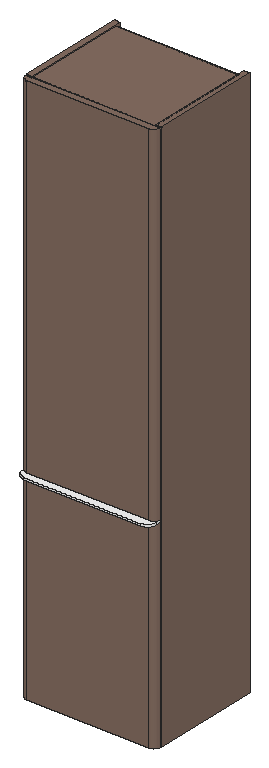
Revit family "tall cabinet, door hinge", category Furniture, Revit 2019 (continued)
Definition of nested family "tall cabinet 400_350, door hinge right-54140700-diamond matt grey-matt_white-400_content"
  Forms (mm)
    Extrusion 8, solid, visible <- "ContentVisible", detail levels coarse
      sketch origin (0, -184.5, 0) x (1, 0, 0) y (0, 1, 0)
        loop
          line (-200, -184.5) -> (200, -184.5) -> (200, 184.5) -> (-200, 184.5) -> (-200, -184.5)
      from 0 to 1650
  Dimensions and locks
    aligned and locked: level to plane 2
Definition of nested family "tall cabinet 400_350, door hinge right-54141000-natural oak-chrome-200_content"
  Parameters (values of type "Tall cabinet 400_350, door hinge right-54141000-Natural Oak-CHROME-200_Content")
    etim7_EC011381 = "EC011381"
    WEIGHT = "36.9"
    UNSPSC = "56 | Furniture and Furnishings"
    UNIFORMATII = "E2010 | Fixed Furnishings"
    UNICLASS_2015_CODE = "40_30_78_05"
    UNICLASS2015 = "Pr_40_30_78_05 | Bathroom furniture"
    SURFACE = "CHROME"
    SPECIFICATION = "Surfaces:    - 54141000 Chrome  - 54141670 Matt Black  - 54141700 Matt White      Specification:"
    REGIONSET = "Worldwide"
    PRODUCTURL = "https://pro.hansgrohe.com/articledetail--54141000"
    PRODUCTGROUP = "bathroom vanity"
    PRODUCTFAMILY = "Xelu Q"
    PERMALINK = "54141XXX"
    OMNICLASS = "23-21 19 15 33 13 | Residential Bathroom Specialty Casework"
    OBJECTTYPE = "Object (single object)"
    OBERFLAECHE = "Natural Oak"
    NN = "Tall cabinet, door hinge"
    NBSYN = "$BASENUMBER.-$ARTNR.-$OBERFLAECHE.-$SURFACE.-$LODLEVEL."
    NB = "Tall cabinet 400/350, door hinge right-54141000-Natural Oak-CHROME-200"
    NAME = "Xelu Q Tall cabinet Natural Oak 400/350, door hinge right"
    Model = "Tall cabinet 400/350, door hinge right-54141000-Natural Oak-CHROME-200"
    Manufacturer = "Hansgrohe"
    MASTERFORMAT = "12 35 30.23 | Bathroom Casework"
    LODLEVEL = "200"
    LINA = "Tall cabinet 400/350, door hinge right-54141000-Natural Oak-CHROME-200"
    L = 400
    IFC = "Furnishing element"
    GTINCODE = "4059625458556"
    ETIM = "EC011381 | Bathroom furniture set"
    Default Elevation = 1219.2 mm
    DESIGN = "Germany"
    ContentVisible [instance] = yes
    CATALOG = "Hansgrohe"
    BIMOBJECT = "Sanitary: Compound units"
    BASENUMBER = "Tall cabinet 400/350, door hinge right"
    ARTNR = "54141000"
  Reference planes
    plane 1 "Center (Front/Back)": y = 0
    plane 2: z = 0
    plane 3 "Center (Left/Right)": x = 0
  Forms (mm)
    Extrusion 1, solid, visible <- "ContentVisible", detail levels medium+fine
      sketch origin (0, 0, 0) x (1, 0, 0) y (0, 1, 0)
        loop
          line (-200, 0) -> (-200, -349) -> (200, -349) -> (200, 0) -> (-200, 0)
      from 0 to 1650
    Extrusion 2, solid, visible <- "ContentVisible", detail levels medium+fine
      sketch origin (0, 0, 599) x (1, 0, 0) y (0, 1, 0)
        loop
          line (-198.5, -328) -> (-198.5, -369) -> (198.5, -369) -> (198.5, -328) -> (178.5, -328) -> (178.5, -326.5) -> (-178.5, -326.5) -> (-178.5, -328) -> (-198.5, -328)
      from 0 to 5
    Extrusion 3, solid, visible <- "ContentVisible", detail levels coarse
      sketch origin (0, -184.5, 0) x (1, 0, 0) y (0, 1, 0)
        loop
          line (-200, -184.5) -> (200, -184.5) -> (200, 184.5) -> (-200, 184.5) -> (-200, -184.5)
      from 0 to 1650
  Dimensions and locks
    aligned and locked: level to plane 2
Definition of nested family "tall cabinet 400_350, door hinge right-54141000-natural oak-chrome-400_content"
  Parameters (values of type "Tall cabinet 400_350, door hinge right-54141000-Natural Oak-CHROME-400_Content")
    etim7_EC011381 = "EC011381"
    WEIGHT = "36.9"
    UNSPSC = "56 | Furniture and Furnishings"
    UNIFORMATII = "E2010 | Fixed Furnishings"
    UNICLASS_2015_CODE = "40_30_78_05"
    UNICLASS2015 = "Pr_40_30_78_05 | Bathroom furniture"
    SURFACE = "CHROME"
    SPECIFICATION = "Surfaces:    - 54141000 Chrome  - 54141670 Matt Black  - 54141700 Matt White      Specification:"
    REGIONSET = "Worldwide"
    PRODUCTURL = "https://pro.hansgrohe.com/articledetail--54141000"
    PRODUCTGROUP = "bathroom vanity"
    PRODUCTFAMILY = "Xelu Q"
    PERMALINK = "54141XXX"
    OMNICLASS = "23-21 19 15 33 13 | Residential Bathroom Specialty Casework"
    OBJECTTYPE = "Object (single object)"
    OBERFLAECHE = "Natural Oak"
    NN = "Tall cabinet, door hinge"
    NBSYN = "$BASENUMBER.-$ARTNR.-$OBERFLAECHE.-$SURFACE.-$LODLEVEL."
    NB = "Tall cabinet 400/350, door hinge right-54141000-Natural Oak-CHROME-400"
    NAME = "Xelu Q Tall cabinet Natural Oak 400/350, door hinge right"
    Model = "Tall cabinet 400/350, door hinge right-54141000-Natural Oak-CHROME-400"
    Manufacturer = "Hansgrohe"
    MASTERFORMAT = "12 35 30.23 | Bathroom Casework"
    LODLEVEL = "400"
    LINA = "Tall cabinet 400/350, door hinge right-54141000-Natural Oak-CHROME-400"
    L = 400
    IFC = "Furnishing element"
    GTINCODE = "4059625458556"
    ETIM = "EC011381 | Bathroom furniture set"
    Default Elevation = 1219.2 mm
    DESIGN = "Germany"
    ContentVisible [instance] = yes
    CATALOG = "Hansgrohe"
    BIMOBJECT = "Sanitary: Compound units"
    BASENUMBER = "Tall cabinet 400/350, door hinge right"
    ARTNR = "54141000"
  Reference planes
    plane 1 "Center (Front/Back)": y = 0
    plane 2: z = 0
    plane 3 "Center (Left/Right)": x = 0
  Forms (mm)
    Extrusion 1, solid, visible <- "ContentVisible", detail levels medium+fine
      sketch origin (0, 0, 0) x (1, 0, 0) y (0, 1, 0)
        loop
          line (-200, 0) -> (-200, -325)
          arc (-200, -325) -> (-199.121, -327.121) -> (-197, -328) r 3
          line (-197, -328) -> (-184, -328) -> (-184, 0) -> (-200, 0)
      from 0 to 1650
    Extrusion 2, solid, visible <- "ContentVisible", detail levels medium+fine
      sketch origin (0, 0, 0) x (1, 0, 0) y (0, 1, 0)
        loop
          line (-184, -20) -> (-184, -327) -> (184, -327) -> (184, -20) -> (-184, -20)
      from 0 to 1649
    Extrusion 3, solid, visible <- "ContentVisible", detail levels medium+fine
      sketch origin (0, 0, 0) x (1, 0, 0) y (0, 1, 0)
        loop
          line (184, 0) -> (184, -328) -> (197, -328)
          arc (197, -328) -> (199.121, -327.121) -> (200, -325) r 3
          line (200, -325) -> (200, 0) -> (184, 0)
      from 0 to 1650
    Extrusion 4, solid, visible <- "ContentVisible", detail levels medium+fine
      sketch origin (0, 0, 2) x (1, 0, 0) y (0, 1, 0)
        loop
          line (-184, -16) -> (-184, -20) -> (184, -20) -> (184, -16) -> (-184, -16)
      from 0 to 1646
    Extrusion 5, solid, visible <- "ContentVisible", detail levels medium+fine
      sketch origin (0, 0, 2) x (1, 0, 0) y (0, 1, 0)
        loop
          arc (-200, -330) -> (-194.435, -343.435) -> (-181, -349) r 19
          line (-181, -349) -> (181, -349)
          arc (181, -349) -> (194.435, -343.435) -> (200, -330) r 19
          line (200, -330) -> (200, -328) -> (-200, -328) -> (-200, -330)
      from 0 to 597
    Extrusion 6, solid, visible <- "ContentVisible", detail levels medium+fine
      sketch origin (0, 0, 599) x (1, 0, 0) y (0, 1, 0)
        loop
          line (-198.5, -328) -> (-198.5, -344)
          arc (-198.5, -344) -> (-191.178, -361.678) -> (-173.5, -369) r 25
          line (-173.5, -369) -> (173.5, -369)
          arc (173.5, -369) -> (191.178, -361.678) -> (198.5, -344) r 25
          line (198.5, -344) -> (198.5, -328) -> (178.5, -328) -> (178.5, -326.5) -> (-178.5, -326.5) -> (-178.5, -328) -> (-198.5, -328)
      from 0 to 5
    Extrusion 7, solid, visible <- "ContentVisible", detail levels medium+fine
      sketch origin (0, 0, 607) x (1, 0, 0) y (0, 1, 0)
        loop
          arc (-200, -330) -> (-194.435, -343.435) -> (-181, -349) r 19
          line (-181, -349) -> (181, -349)
          arc (181, -349) -> (194.435, -343.435) -> (200, -330) r 19
          line (200, -330) -> (200, -328) -> (-200, -328) -> (-200, -330)
      from 0 to 1041
    Extrusion 8, solid, visible <- "ContentVisible", detail levels coarse
      sketch origin (0, -184.5, 0) x (1, 0, 0) y (0, 1, 0)
        loop
          line (-200, -184.5) -> (200, -184.5) -> (200, 184.5) -> (-200, 184.5) -> (-200, -184.5)
      from 0 to 1650
  Dimensions and locks
    aligned and locked: level to plane 2
Definition of nested family "tall cabinet 400_350, door hinge right-54141670-natural oak-matt_black-200_content"
  Parameters (values of type "Tall cabinet 400_350, door hinge right-54141670-Natural Oak-MATT_BLACK-200_Content")
    etim7_EC011381 = "EC011381"
    WEIGHT = "36.9"
    UNSPSC = "56 | Furniture and Furnishings"
    UNIFORMATII = "E2010 | Fixed Furnishings"
    UNICLASS_2015_CODE = "40_30_78_05"
    UNICLASS2015 = "Pr_40_30_78_05 | Bathroom furniture"
    SURFACE = "MATT_BLACK"
    SPECIFICATION = "Surfaces:    - 54141000 Chrome  - 54141670 Matt Black  - 54141700 Matt White      Specification:"
    REGIONSET = "Worldwide"
    PRODUCTURL = "https://pro.hansgrohe.com/articledetail--54141000"
    PRODUCTGROUP = "bathroom vanity"
    PRODUCTFAMILY = "Xelu Q"
    PERMALINK = "54141XXX"
    OMNICLASS = "23-21 19 15 33 13 | Residential Bathroom Specialty Casework"
    OBJECTTYPE = "Object (single object)"
    OBERFLAECHE = "Natural Oak"
    NN = "Tall cabinet, door hinge"
    NBSYN = "$BASENUMBER.-$ARTNR.-$OBERFLAECHE.-$SURFACE.-$LODLEVEL."
    NB = "Tall cabinet 400/350, door hinge right-54141670-Natural Oak-MATT_BLACK-200"
    NAME = "Xelu Q Tall cabinet Natural Oak 400/350, door hinge right"
    Model = "Tall cabinet 400/350, door hinge right-54141670-Natural Oak-MATT_BLACK-200"
    Manufacturer = "Hansgrohe"
    MASTERFORMAT = "12 35 30.23 | Bathroom Casework"
    LODLEVEL = "200"
    LINA = "Tall cabinet 400/350, door hinge right-54141670-Natural Oak-MATT_BLACK-200"
    L = 400
    IFC = "Furnishing element"
    GTINCODE = "4059625458556"
    ETIM = "EC011381 | Bathroom furniture set"
    Default Elevation = 1219.2 mm
    DESIGN = "Germany"
    ContentVisible [instance] = yes
    CATALOG = "Hansgrohe"
    BIMOBJECT = "Sanitary: Compound units"
    BASENUMBER = "Tall cabinet 400/350, door hinge right"
    ARTNR = "54141670"
  Reference planes
    plane 1 "Center (Front/Back)": y = 0
    plane 2: z = 0
    plane 3 "Center (Left/Right)": x = 0
  Forms (mm)
    Extrusion 1, solid, visible <- "ContentVisible", detail levels medium+fine
      sketch origin (0, 0, 0) x (1, 0, 0) y (0, 1, 0)
        loop
          line (-200, 0) -> (-200, -349) -> (200, -349) -> (200, 0) -> (-200, 0)
      from 0 to 1650
    Extrusion 2, solid, visible <- "ContentVisible", detail levels medium+fine
      sketch origin (0, 0, 599) x (1, 0, 0) y (0, 1, 0)
        loop
          line (-198.5, -328) -> (-198.5, -369) -> (198.5, -369) -> (198.5, -328) -> (178.5, -328) -> (178.5, -326.5) -> (-178.5, -326.5) -> (-178.5, -328) -> (-198.5, -328)
      from 0 to 5
    Extrusion 3, solid, visible <- "ContentVisible", detail levels coarse
      sketch origin (0, -184.5, 0) x (1, 0, 0) y (0, 1, 0)
        loop
          line (-200, -184.5) -> (200, -184.5) -> (200, 184.5) -> (-200, 184.5) -> (-200, -184.5)
      from 0 to 1650
  Dimensions and locks
    aligned and locked: level to plane 2
Definition of nested family "tall cabinet 400_350, door hinge right-54141670-natural oak-matt_black-400_content"
  Parameters (values of type "Tall cabinet 400_350, door hinge right-54141670-Natural Oak-MATT_BLACK-400_Content")
    etim7_EC011381 = "EC011381"
    WEIGHT = "36.9"
    UNSPSC = "56 | Furniture and Furnishings"
    UNIFORMATII = "E2010 | Fixed Furnishings"
    UNICLASS_2015_CODE = "40_30_78_05"
    UNICLASS2015 = "Pr_40_30_78_05 | Bathroom furniture"
    SURFACE = "MATT_BLACK"
    SPECIFICATION = "Surfaces:    - 54141000 Chrome  - 54141670 Matt Black  - 54141700 Matt White      Specification:"
    REGIONSET = "Worldwide"
    PRODUCTURL = "https://pro.hansgrohe.com/articledetail--54141000"
    PRODUCTGROUP = "bathroom vanity"
    PRODUCTFAMILY = "Xelu Q"
    PERMALINK = "54141XXX"
    OMNICLASS = "23-21 19 15 33 13 | Residential Bathroom Specialty Casework"
    OBJECTTYPE = "Object (single object)"
    OBERFLAECHE = "Natural Oak"
    NN = "Tall cabinet, door hinge"
    NBSYN = "$BASENUMBER.-$ARTNR.-$OBERFLAECHE.-$SURFACE.-$LODLEVEL."
    NB = "Tall cabinet 400/350, door hinge right-54141670-Natural Oak-MATT_BLACK-400"
    NAME = "Xelu Q Tall cabinet Natural Oak 400/350, door hinge right"
    Model = "Tall cabinet 400/350, door hinge right-54141670-Natural Oak-MATT_BLACK-400"
    Manufacturer = "Hansgrohe"
    MASTERFORMAT = "12 35 30.23 | Bathroom Casework"
    LODLEVEL = "400"
    LINA = "Tall cabinet 400/350, door hinge right-54141670-Natural Oak-MATT_BLACK-400"
    L = 400
    IFC = "Furnishing element"
    GTINCODE = "4059625458556"
    ETIM = "EC011381 | Bathroom furniture set"
    Default Elevation = 1219.2 mm
    DESIGN = "Germany"
    ContentVisible [instance] = yes
    CATALOG = "Hansgrohe"
    BIMOBJECT = "Sanitary: Compound units"
    BASENUMBER = "Tall cabinet 400/350, door hinge right"
    ARTNR = "54141670"
  Reference planes
    plane 1 "Center (Front/Back)": y = 0
    plane 2: z = 0
    plane 3 "Center (Left/Right)": x = 0
  Forms (mm)
    Extrusion 1, solid, visible <- "ContentVisible", detail levels medium+fine
      sketch origin (0, 0, 0) x (1, 0, 0) y (0, 1, 0)
        loop
          line (-200, 0) -> (-200, -325)
          arc (-200, -325) -> (-199.121, -327.121) -> (-197, -328) r 3
          line (-197, -328) -> (-184, -328) -> (-184, 0) -> (-200, 0)
      from 0 to 1650
    Extrusion 2, solid, visible <- "ContentVisible", detail levels medium+fine
      sketch origin (0, 0, 0) x (1, 0, 0) y (0, 1, 0)
        loop
          line (-184, -20) -> (-184, -327) -> (184, -327) -> (184, -20) -> (-184, -20)
      from 0 to 1649
    Extrusion 3, solid, visible <- "ContentVisible", detail levels medium+fine
      sketch origin (0, 0, 0) x (1, 0, 0) y (0, 1, 0)
        loop
          line (184, 0) -> (184, -328) -> (197, -328)
          arc (197, -328) -> (199.121, -327.121) -> (200, -325) r 3
          line (200, -325) -> (200, 0) -> (184, 0)
      from 0 to 1650
    Extrusion 4, solid, visible <- "ContentVisible", detail levels medium+fine
      sketch origin (0, 0, 2) x (1, 0, 0) y (0, 1, 0)
        loop
          line (-184, -16) -> (-184, -20) -> (184, -20) -> (184, -16) -> (-184, -16)
      from 0 to 1646
    Extrusion 5, solid, visible <- "ContentVisible", detail levels medium+fine
      sketch origin (0, 0, 2) x (1, 0, 0) y (0, 1, 0)
        loop
          arc (-200, -330) -> (-194.435, -343.435) -> (-181, -349) r 19
          line (-181, -349) -> (181, -349)
          arc (181, -349) -> (194.435, -343.435) -> (200, -330) r 19
          line (200, -330) -> (200, -328) -> (-200, -328) -> (-200, -330)
      from 0 to 597
    Extrusion 6, solid, visible <- "ContentVisible", detail levels medium+fine
      sketch origin (0, 0, 599) x (1, 0, 0) y (0, 1, 0)
        loop
          line (-198.5, -328) -> (-198.5, -344)
          arc (-198.5, -344) -> (-191.178, -361.678) -> (-173.5, -369) r 25
          line (-173.5, -369) -> (173.5, -369)
          arc (173.5, -369) -> (191.178, -361.678) -> (198.5, -344) r 25
          line (198.5, -344) -> (198.5, -328) -> (178.5, -328) -> (178.5, -326.5) -> (-178.5, -326.5) -> (-178.5, -328) -> (-198.5, -328)
      from 0 to 5
    Extrusion 7, solid, visible <- "ContentVisible", detail levels medium+fine
      sketch origin (0, 0, 607) x (1, 0, 0) y (0, 1, 0)
        loop
          arc (-200, -330) -> (-194.435, -343.435) -> (-181, -349) r 19
          line (-181, -349) -> (181, -349)
          arc (181, -349) -> (194.435, -343.435) -> (200, -330) r 19
          line (200, -330) -> (200, -328) -> (-200, -328) -> (-200, -330)
      from 0 to 1041
    Extrusion 8, solid, visible <- "ContentVisible", detail levels coarse
      sketch origin (0, -184.5, 0) x (1, 0, 0) y (0, 1, 0)
        loop
          line (-200, -184.5) -> (200, -184.5) -> (200, 184.5) -> (-200, 184.5) -> (-200, -184.5)
      from 0 to 1650
  Dimensions and locks
    aligned and locked: level to plane 2
Definition of nested family "tall cabinet 400_350, door hinge right-54141700-natural oak-matt_white-200_content"
  Parameters (values of type "Tall cabinet 400_350, door hinge right-54141700-Natural Oak-MATT_WHITE-200_Content")
    etim7_EC011381 = "EC011381"
    WEIGHT = "36.9"
    UNSPSC = "56 | Furniture and Furnishings"
    UNIFORMATII = "E2010 | Fixed Furnishings"
    UNICLASS_2015_CODE = "40_30_78_05"
    UNICLASS2015 = "Pr_40_30_78_05 | Bathroom furniture"
    SURFACE = "MATT_WHITE"
    SPECIFICATION = "Surfaces:    - 54141000 Chrome  - 54141670 Matt Black  - 54141700 Matt White      Specification:"
    REGIONSET = "Worldwide"
    PRODUCTURL = "https://pro.hansgrohe.com/articledetail--54141000"
    PRODUCTGROUP = "bathroom vanity"
    PRODUCTFAMILY = "Xelu Q"
    PERMALINK = "54141XXX"
    OMNICLASS = "23-21 19 15 33 13 | Residential Bathroom Specialty Casework"
    OBJECTTYPE = "Object (single object)"
    OBERFLAECHE = "Natural Oak"
    NN = "Tall cabinet, door hinge"
    NBSYN = "$BASENUMBER.-$ARTNR.-$OBERFLAECHE.-$SURFACE.-$LODLEVEL."
    NB = "Tall cabinet 400/350, door hinge right-54141700-Natural Oak-MATT_WHITE-200"
    NAME = "Xelu Q Tall cabinet Natural Oak 400/350, door hinge right"
    Model = "Tall cabinet 400/350, door hinge right-54141700-Natural Oak-MATT_WHITE-200"
    Manufacturer = "Hansgrohe"
    MASTERFORMAT = "12 35 30.23 | Bathroom Casework"
    LODLEVEL = "200"
    LINA = "Tall cabinet 400/350, door hinge right-54141700-Natural Oak-MATT_WHITE-200"
    L = 400
    IFC = "Furnishing element"
    GTINCODE = "4059625458556"
    ETIM = "EC011381 | Bathroom furniture set"
    Default Elevation = 1219.2 mm
    DESIGN = "Germany"
    ContentVisible [instance] = yes
    CATALOG = "Hansgrohe"
    BIMOBJECT = "Sanitary: Compound units"
    BASENUMBER = "Tall cabinet 400/350, door hinge right"
    ARTNR = "54141700"
  Reference planes
    plane 1 "Center (Front/Back)": y = 0
    plane 2: z = 0
    plane 3 "Center (Left/Right)": x = 0
  Forms (mm)
    Extrusion 1, solid, visible <- "ContentVisible", detail levels medium+fine
      sketch origin (0, 0, 0) x (1, 0, 0) y (0, 1, 0)
        loop
          line (-200, 0) -> (-200, -349) -> (200, -349) -> (200, 0) -> (-200, 0)
      from 0 to 1650
    Extrusion 2, solid, visible <- "ContentVisible", detail levels medium+fine
      sketch origin (0, 0, 599) x (1, 0, 0) y (0, 1, 0)
        loop
          line (-198.5, -328) -> (-198.5, -369) -> (198.5, -369) -> (198.5, -328) -> (178.5, -328) -> (178.5, -326.5) -> (-178.5, -326.5) -> (-178.5, -328) -> (-198.5, -328)
      from 0 to 5
    Extrusion 3, solid, visible <- "ContentVisible", detail levels coarse
      sketch origin (0, -184.5, 0) x (1, 0, 0) y (0, 1, 0)
        loop
          line (-200, -184.5) -> (200, -184.5) -> (200, 184.5) -> (-200, 184.5) -> (-200, -184.5)
      from 0 to 1650
  Dimensions and locks
    aligned and locked: level to plane 2
Definition of nested family "tall cabinet 400_350, door hinge right-54141700-natural oak-matt_white-400_content"
  Parameters (values of type "Tall cabinet 400_350, door hinge right-54141700-Natural Oak-MATT_WHITE-400_Content")
    etim7_EC011381 = "EC011381"
    WEIGHT = "36.9"
    UNSPSC = "56 | Furniture and Furnishings"
    UNIFORMATII = "E2010 | Fixed Furnishings"
    UNICLASS_2015_CODE = "40_30_78_05"
    UNICLASS2015 = "Pr_40_30_78_05 | Bathroom furniture"
    SURFACE = "MATT_WHITE"
    SPECIFICATION = "Surfaces:    - 54141000 Chrome  - 54141670 Matt Black  - 54141700 Matt White      Specification:"
    REGIONSET = "Worldwide"
    PRODUCTURL = "https://pro.hansgrohe.com/articledetail--54141000"
    PRODUCTGROUP = "bathroom vanity"
    PRODUCTFAMILY = "Xelu Q"
    PERMALINK = "54141XXX"
    OMNICLASS = "23-21 19 15 33 13 | Residential Bathroom Specialty Casework"
    OBJECTTYPE = "Object (single object)"
    OBERFLAECHE = "Natural Oak"
    NN = "Tall cabinet, door hinge"
    NBSYN = "$BASENUMBER.-$ARTNR.-$OBERFLAECHE.-$SURFACE.-$LODLEVEL."
    NB = "Tall cabinet 400/350, door hinge right-54141700-Natural Oak-MATT_WHITE-400"
    NAME = "Xelu Q Tall cabinet Natural Oak 400/350, door hinge right"
    Model = "Tall cabinet 400/350, door hinge right-54141700-Natural Oak-MATT_WHITE-400"
    Manufacturer = "Hansgrohe"
    MASTERFORMAT = "12 35 30.23 | Bathroom Casework"
    LODLEVEL = "400"
    LINA = "Tall cabinet 400/350, door hinge right-54141700-Natural Oak-MATT_WHITE-400"
    L = 400
    IFC = "Furnishing element"
    GTINCODE = "4059625458556"
    ETIM = "EC011381 | Bathroom furniture set"
    Default Elevation = 1219.2 mm
    DESIGN = "Germany"
    ContentVisible [instance] = yes
    CATALOG = "Hansgrohe"
    BIMOBJECT = "Sanitary: Compound units"
    BASENUMBER = "Tall cabinet 400/350, door hinge right"
    ARTNR = "54141700"
  Reference planes
    plane 1 "Center (Front/Back)": y = 0
    plane 2: z = 0
    plane 3 "Center (Left/Right)": x = 0
  Forms (mm)
    Extrusion 1, solid, visible <- "ContentVisible", detail levels medium+fine
      sketch origin (0, 0, 0) x (1, 0, 0) y (0, 1, 0)
        loop
          line (-200, 0) -> (-200, -325)
          arc (-200, -325) -> (-199.121, -327.121) -> (-197, -328) r 3
          line (-197, -328) -> (-184, -328) -> (-184, 0) -> (-200, 0)
      from 0 to 1650
    Extrusion 2, solid, visible <- "ContentVisible", detail levels medium+fine
      sketch origin (0, 0, 0) x (1, 0, 0) y (0, 1, 0)
        loop
          line (-184, -20) -> (-184, -327) -> (184, -327) -> (184, -20) -> (-184, -20)
      from 0 to 1649
    Extrusion 3, solid, visible <- "ContentVisible", detail levels medium+fine
      sketch origin (0, 0, 0) x (1, 0, 0) y (0, 1, 0)
        loop
          line (184, 0) -> (184, -328) -> (197, -328)
          arc (197, -328) -> (199.121, -327.121) -> (200, -325) r 3
          line (200, -325) -> (200, 0) -> (184, 0)
      from 0 to 1650
    Extrusion 4, solid, visible <- "ContentVisible", detail levels medium+fine
      sketch origin (0, 0, 2) x (1, 0, 0) y (0, 1, 0)
        loop
          line (-184, -16) -> (-184, -20) -> (184, -20) -> (184, -16) -> (-184, -16)
      from 0 to 1646
    Extrusion 5, solid, visible <- "ContentVisible", detail levels medium+fine
      sketch origin (0, 0, 2) x (1, 0, 0) y (0, 1, 0)
        loop
          arc (-200, -330) -> (-194.435, -343.435) -> (-181, -349) r 19
          line (-181, -349) -> (181, -349)
          arc (181, -349) -> (194.435, -343.435) -> (200, -330) r 19
          line (200, -330) -> (200, -328) -> (-200, -328) -> (-200, -330)
      from 0 to 597
    Extrusion 6, solid, visible <- "ContentVisible", detail levels medium+fine
      sketch origin (0, 0, 599) x (1, 0, 0) y (0, 1, 0)
        loop
          line (-198.5, -328) -> (-198.5, -344)
          arc (-198.5, -344) -> (-191.178, -361.678) -> (-173.5, -369) r 25
          line (-173.5, -369) -> (173.5, -369)
          arc (173.5, -369) -> (191.178, -361.678) -> (198.5, -344) r 25
          line (198.5, -344) -> (198.5, -328) -> (178.5, -328) -> (178.5, -326.5) -> (-178.5, -326.5) -> (-178.5, -328) -> (-198.5, -328)
      from 0 to 5
    Extrusion 7, solid, visible <- "ContentVisible", detail levels medium+fine
      sketch origin (0, 0, 607) x (1, 0, 0) y (0, 1, 0)
        loop
          arc (-200, -330) -> (-194.435, -343.435) -> (-181, -349) r 19
          line (-181, -349) -> (181, -349)
          arc (181, -349) -> (194.435, -343.435) -> (200, -330) r 19
          line (200, -330) -> (200, -328) -> (-200, -328) -> (-200, -330)
      from 0 to 1041
    Extrusion 8, solid, visible <- "ContentVisible", detail levels coarse
      sketch origin (0, -184.5, 0) x (1, 0, 0) y (0, 1, 0)
        loop
          line (-200, -184.5) -> (200, -184.5) -> (200, 184.5) -> (-200, 184.5) -> (-200, -184.5)
      from 0 to 1650
  Dimensions and locks
    aligned and locked: level to plane 2
Definition of nested family "tall cabinet 400_350, door hinge right-54142000-dark walnut-chrome-200_content"
  Parameters (values of type "Tall cabinet 400_350, door hinge right-54142000-Dark Walnut-CHROME-200_Content")
    etim7_EC011381 = "EC011381"
    WEIGHT = "36.9"
    UNSPSC = "56 | Furniture and Furnishings"
    UNIFORMATII = "E2010 | Fixed Furnishings"
    UNICLASS_2015_CODE = "40_30_78_05"
    UNICLASS2015 = "Pr_40_30_78_05 | Bathroom furniture"
    SURFACE = "CHROME"
    SPECIFICATION = "Surfaces:    - 54141000 Chrome  - 54141670 Matt Black  - 54141700 Matt White      Specification:"
    REGIONSET = "Worldwide"
    PRODUCTURL = "https://pro.hansgrohe.com/articledetail--54141000"
    PRODUCTGROUP = "bathroom vanity"
    PRODUCTFAMILY = "Xelu Q"
    PERMALINK = "54141XXX"
    OMNICLASS = "23-21 19 15 33 13 | Residential Bathroom Specialty Casework"
    OBJECTTYPE = "Object (single object)"
    OBERFLAECHE = "Dark Walnut"
    NN = "Tall cabinet, door hinge"
    NBSYN = "$BASENUMBER.-$ARTNR.-$OBERFLAECHE.-$SURFACE.-$LODLEVEL."
    NB = "Tall cabinet 400/350, door hinge right-54142000-Dark Walnut-CHROME-200"
    NAME = "Xelu Q Tall cabinet Natural Oak 400/350, door hinge right"
    Model = "Tall cabinet 400/350, door hinge right-54142000-Dark Walnut-CHROME-200"
    Manufacturer = "Hansgrohe"
    MASTERFORMAT = "12 35 30.23 | Bathroom Casework"
    LODLEVEL = "200"
    LINA = "Tall cabinet 400/350, door hinge right-54142000-Dark Walnut-CHROME-200"
    L = 400
    IFC = "Furnishing element"
    GTINCODE = "4059625458556"
    ETIM = "EC011381 | Bathroom furniture set"
    Default Elevation = 1219.2 mm
    DESIGN = "Germany"
    ContentVisible [instance] = yes
    CATALOG = "Hansgrohe"
    BIMOBJECT = "Sanitary: Compound units"
    BASENUMBER = "Tall cabinet 400/350, door hinge right"
    ARTNR = "54142000"
  Reference planes
    plane 1 "Center (Front/Back)": y = 0
    plane 2: z = 0
    plane 3 "Center (Left/Right)": x = 0
  Forms (mm)
    Extrusion 1, solid, visible <- "ContentVisible", detail levels medium+fine
      sketch origin (0, 0, 0) x (1, 0, 0) y (0, 1, 0)
        loop
          line (-200, 0) -> (-200, -349) -> (200, -349) -> (200, 0) -> (-200, 0)
      from 0 to 1650
    Extrusion 2, solid, visible <- "ContentVisible", detail levels medium+fine
      sketch origin (0, 0, 599) x (1, 0, 0) y (0, 1, 0)
        loop
          line (-198.5, -328) -> (-198.5, -369) -> (198.5, -369) -> (198.5, -328) -> (178.5, -328) -> (178.5, -326.5) -> (-178.5, -326.5) -> (-178.5, -328) -> (-198.5, -328)
      from 0 to 5
    Extrusion 3, solid, visible <- "ContentVisible", detail levels coarse
      sketch origin (0, -184.5, 0) x (1, 0, 0) y (0, 1, 0)
        loop
          line (-200, -184.5) -> (200, -184.5) -> (200, 184.5) -> (-200, 184.5) -> (-200, -184.5)
      from 0 to 1650
  Dimensions and locks
    aligned and locked: level to plane 2
Definition of nested family "tall cabinet 400_350, door hinge right-54142000-dark walnut-chrome-400_content"
  Parameters (values of type "Tall cabinet 400_350, door hinge right-54142000-Dark Walnut-CHROME-400_Content")
    etim7_EC011381 = "EC011381"
    WEIGHT = "36.9"
    UNSPSC = "56 | Furniture and Furnishings"
    UNIFORMATII = "E2010 | Fixed Furnishings"
    UNICLASS_2015_CODE = "40_30_78_05"
    UNICLASS2015 = "Pr_40_30_78_05 | Bathroom furniture"
    SURFACE = "CHROME"
    SPECIFICATION = "Surfaces:    - 54141000 Chrome  - 54141670 Matt Black  - 54141700 Matt White      Specification:"
    REGIONSET = "Worldwide"
    PRODUCTURL = "https://pro.hansgrohe.com/articledetail--54141000"
    PRODUCTGROUP = "bathroom vanity"
    PRODUCTFAMILY = "Xelu Q"
    PERMALINK = "54141XXX"
    OMNICLASS = "23-21 19 15 33 13 | Residential Bathroom Specialty Casework"
    OBJECTTYPE = "Object (single object)"
    OBERFLAECHE = "Dark Walnut"
    NN = "Tall cabinet, door hinge"
    NBSYN = "$BASENUMBER.-$ARTNR.-$OBERFLAECHE.-$SURFACE.-$LODLEVEL."
    NB = "Tall cabinet 400/350, door hinge right-54142000-Dark Walnut-CHROME-400"
    NAME = "Xelu Q Tall cabinet Natural Oak 400/350, door hinge right"
    Model = "Tall cabinet 400/350, door hinge right-54142000-Dark Walnut-CHROME-400"
    Manufacturer = "Hansgrohe"
    MASTERFORMAT = "12 35 30.23 | Bathroom Casework"
    LODLEVEL = "400"
    LINA = "Tall cabinet 400/350, door hinge right-54142000-Dark Walnut-CHROME-400"
    L = 400
    IFC = "Furnishing element"
    GTINCODE = "4059625458556"
    ETIM = "EC011381 | Bathroom furniture set"
    Default Elevation = 1219.2 mm
    DESIGN = "Germany"
    ContentVisible [instance] = yes
    CATALOG = "Hansgrohe"
    BIMOBJECT = "Sanitary: Compound units"
    BASENUMBER = "Tall cabinet 400/350, door hinge right"
    ARTNR = "54142000"
  Reference planes
    plane 1 "Center (Front/Back)": y = 0
    plane 2: z = 0
    plane 3 "Center (Left/Right)": x = 0
  Forms (mm)
    Extrusion 1, solid, visible <- "ContentVisible", detail levels medium+fine
      sketch origin (0, 0, 0) x (1, 0, 0) y (0, 1, 0)
        loop
          line (-200, 0) -> (-200, -325)
          arc (-200, -325) -> (-199.121, -327.121) -> (-197, -328) r 3
          line (-197, -328) -> (-184, -328) -> (-184, 0) -> (-200, 0)
      from 0 to 1650
    Extrusion 2, solid, visible <- "ContentVisible", detail levels medium+fine
      sketch origin (0, 0, 0) x (1, 0, 0) y (0, 1, 0)
        loop
          line (-184, -20) -> (-184, -327) -> (184, -327) -> (184, -20) -> (-184, -20)
      from 0 to 1649
    Extrusion 3, solid, visible <- "ContentVisible", detail levels medium+fine
      sketch origin (0, 0, 0) x (1, 0, 0) y (0, 1, 0)
        loop
          line (184, 0) -> (184, -328) -> (197, -328)
          arc (197, -328) -> (199.121, -327.121) -> (200, -325) r 3
          line (200, -325) -> (200, 0) -> (184, 0)
      from 0 to 1650
    Extrusion 4, solid, visible <- "ContentVisible", detail levels medium+fine
      sketch origin (0, 0, 2) x (1, 0, 0) y (0, 1, 0)
        loop
          line (-184, -16) -> (-184, -20) -> (184, -20) -> (184, -16) -> (-184, -16)
      from 0 to 1646
    Extrusion 5, solid, visible <- "ContentVisible", detail levels medium+fine
      sketch origin (0, 0, 2) x (1, 0, 0) y (0, 1, 0)
        loop
          arc (-200, -330) -> (-194.435, -343.435) -> (-181, -349) r 19
          line (-181, -349) -> (181, -349)
          arc (181, -349) -> (194.435, -343.435) -> (200, -330) r 19
          line (200, -330) -> (200, -328) -> (-200, -328) -> (-200, -330)
      from 0 to 597
    Extrusion 6, solid, visible <- "ContentVisible", detail levels medium+fine
      sketch origin (0, 0, 599) x (1, 0, 0) y (0, 1, 0)
        loop
          line (-198.5, -328) -> (-198.5, -344)
          arc (-198.5, -344) -> (-191.178, -361.678) -> (-173.5, -369) r 25
          line (-173.5, -369) -> (173.5, -369)
          arc (173.5, -369) -> (191.178, -361.678) -> (198.5, -344) r 25
          line (198.5, -344) -> (198.5, -328) -> (178.5, -328) -> (178.5, -326.5) -> (-178.5, -326.5) -> (-178.5, -328) -> (-198.5, -328)
      from 0 to 5
    Extrusion 7, solid, visible <- "ContentVisible", detail levels medium+fine
      sketch origin (0, 0, 607) x (1, 0, 0) y (0, 1, 0)
        loop
          arc (-200, -330) -> (-194.435, -343.435) -> (-181, -349) r 19
          line (-181, -349) -> (181, -349)
          arc (181, -349) -> (194.435, -343.435) -> (200, -330) r 19
          line (200, -330) -> (200, -328) -> (-200, -328) -> (-200, -330)
      from 0 to 1041
    Extrusion 8, solid, visible <- "ContentVisible", detail levels coarse
      sketch origin (0, -184.5, 0) x (1, 0, 0) y (0, 1, 0)
        loop
          line (-200, -184.5) -> (200, -184.5) -> (200, 184.5) -> (-200, 184.5) -> (-200, -184.5)
      from 0 to 1650
  Dimensions and locks
    aligned and locked: level to plane 2
Definition of nested family "tall cabinet 400_350, door hinge right-54142670-dark walnut-matt_black-200_content"
  Parameters (values of type "Tall cabinet 400_350, door hinge right-54142670-Dark Walnut-MATT_BLACK-200_Content")
    etim7_EC011381 = "EC011381"
    WEIGHT = "36.9"
    UNSPSC = "56 | Furniture and Furnishings"
    UNIFORMATII = "E2010 | Fixed Furnishings"
    UNICLASS_2015_CODE = "40_30_78_05"
    UNICLASS2015 = "Pr_40_30_78_05 | Bathroom furniture"
    SURFACE = "MATT_BLACK"
    SPECIFICATION = "Surfaces:    - 54141000 Chrome  - 54141670 Matt Black  - 54141700 Matt White      Specification:"
    REGIONSET = "Worldwide"
    PRODUCTURL = "https://pro.hansgrohe.com/articledetail--54141000"
    PRODUCTGROUP = "bathroom vanity"
    PRODUCTFAMILY = "Xelu Q"
    PERMALINK = "54141XXX"
    OMNICLASS = "23-21 19 15 33 13 | Residential Bathroom Specialty Casework"
    OBJECTTYPE = "Object (single object)"
    OBERFLAECHE = "Dark Walnut"
    NN = "Tall cabinet, door hinge"
    NBSYN = "$BASENUMBER.-$ARTNR.-$OBERFLAECHE.-$SURFACE.-$LODLEVEL."
    NB = "Tall cabinet 400/350, door hinge right-54142670-Dark Walnut-MATT_BLACK-200"
    NAME = "Xelu Q Tall cabinet Natural Oak 400/350, door hinge right"
    Model = "Tall cabinet 400/350, door hinge right-54142670-Dark Walnut-MATT_BLACK-200"
    Manufacturer = "Hansgrohe"
    MASTERFORMAT = "12 35 30.23 | Bathroom Casework"
    LODLEVEL = "200"
    LINA = "Tall cabinet 400/350, door hinge right-54142670-Dark Walnut-MATT_BLACK-200"
    L = 400
    IFC = "Furnishing element"
    GTINCODE = "4059625458556"
    ETIM = "EC011381 | Bathroom furniture set"
    Default Elevation = 1219.2 mm
    DESIGN = "Germany"
    ContentVisible [instance] = yes
    CATALOG = "Hansgrohe"
    BIMOBJECT = "Sanitary: Compound units"
    BASENUMBER = "Tall cabinet 400/350, door hinge right"
    ARTNR = "54142670"
  Reference planes
    plane 1 "Center (Front/Back)": y = 0
    plane 2: z = 0
    plane 3 "Center (Left/Right)": x = 0
  Forms (mm)
    Extrusion 1, solid, visible <- "ContentVisible", detail levels medium+fine
      sketch origin (0, 0, 0) x (1, 0, 0) y (0, 1, 0)
        loop
          line (-200, 0) -> (-200, -349) -> (200, -349) -> (200, 0) -> (-200, 0)
      from 0 to 1650
    Extrusion 2, solid, visible <- "ContentVisible", detail levels medium+fine
      sketch origin (0, 0, 599) x (1, 0, 0) y (0, 1, 0)
        loop
          line (-198.5, -328) -> (-198.5, -369) -> (198.5, -369) -> (198.5, -328) -> (178.5, -328) -> (178.5, -326.5) -> (-178.5, -326.5) -> (-178.5, -328) -> (-198.5, -328)
      from 0 to 5
    Extrusion 3, solid, visible <- "ContentVisible", detail levels coarse
      sketch origin (0, -184.5, 0) x (1, 0, 0) y (0, 1, 0)
        loop
          line (-200, -184.5) -> (200, -184.5) -> (200, 184.5) -> (-200, 184.5) -> (-200, -184.5)
      from 0 to 1650
  Dimensions and locks
    aligned and locked: level to plane 2
Definition of nested family "tall cabinet 400_350, door hinge right-54142670-dark walnut-matt_black-400_content"
  Parameters (values of type "Tall cabinet 400_350, door hinge right-54142670-Dark Walnut-MATT_BLACK-400_Content")
    etim7_EC011381 = "EC011381"
    WEIGHT = "36.9"
    UNSPSC = "56 | Furniture and Furnishings"
    UNIFORMATII = "E2010 | Fixed Furnishings"
    UNICLASS_2015_CODE = "40_30_78_05"
    UNICLASS2015 = "Pr_40_30_78_05 | Bathroom furniture"
    SURFACE = "MATT_BLACK"
    SPECIFICATION = "Surfaces:    - 54141000 Chrome  - 54141670 Matt Black  - 54141700 Matt White      Specification:"
    REGIONSET = "Worldwide"
    PRODUCTURL = "https://pro.hansgrohe.com/articledetail--54141000"
    PRODUCTGROUP = "bathroom vanity"
    PRODUCTFAMILY = "Xelu Q"
    PERMALINK = "54141XXX"
    OMNICLASS = "23-21 19 15 33 13 | Residential Bathroom Specialty Casework"
    OBJECTTYPE = "Object (single object)"
    OBERFLAECHE = "Dark Walnut"
    NN = "Tall cabinet, door hinge"
    NBSYN = "$BASENUMBER.-$ARTNR.-$OBERFLAECHE.-$SURFACE.-$LODLEVEL."
    NB = "Tall cabinet 400/350, door hinge right-54142670-Dark Walnut-MATT_BLACK-400"
    NAME = "Xelu Q Tall cabinet Natural Oak 400/350, door hinge right"
    Model = "Tall cabinet 400/350, door hinge right-54142670-Dark Walnut-MATT_BLACK-400"
    Manufacturer = "Hansgrohe"
    MASTERFORMAT = "12 35 30.23 | Bathroom Casework"
    LODLEVEL = "400"
    LINA = "Tall cabinet 400/350, door hinge right-54142670-Dark Walnut-MATT_BLACK-400"
    L = 400
    IFC = "Furnishing element"
    GTINCODE = "4059625458556"
    ETIM = "EC011381 | Bathroom furniture set"
    Default Elevation = 1219.2 mm
    DESIGN = "Germany"
    ContentVisible [instance] = yes
    CATALOG = "Hansgrohe"
    BIMOBJECT = "Sanitary: Compound units"
    BASENUMBER = "Tall cabinet 400/350, door hinge right"
    ARTNR = "54142670"
  Reference planes
    plane 1 "Center (Front/Back)": y = 0
    plane 2: z = 0
    plane 3 "Center (Left/Right)": x = 0
  Forms (mm)
    Extrusion 1, solid, visible <- "ContentVisible", detail levels medium+fine
      sketch origin (0, 0, 0) x (1, 0, 0) y (0, 1, 0)
        loop
          line (-200, 0) -> (-200, -325)
          arc (-200, -325) -> (-199.121, -327.121) -> (-197, -328) r 3
          line (-197, -328) -> (-184, -328) -> (-184, 0) -> (-200, 0)
      from 0 to 1650
    Extrusion 2, solid, visible <- "ContentVisible", detail levels medium+fine
      sketch origin (0, 0, 0) x (1, 0, 0) y (0, 1, 0)
        loop
          line (-184, -20) -> (-184, -327) -> (184, -327) -> (184, -20) -> (-184, -20)
      from 0 to 1649
    Extrusion 3, solid, visible <- "ContentVisible", detail levels medium+fine
      sketch origin (0, 0, 0) x (1, 0, 0) y (0, 1, 0)
        loop
          line (184, 0) -> (184, -328) -> (197, -328)
          arc (197, -328) -> (199.121, -327.121) -> (200, -325) r 3
          line (200, -325) -> (200, 0) -> (184, 0)
      from 0 to 1650
    Extrusion 4, solid, visible <- "ContentVisible", detail levels medium+fine
      sketch origin (0, 0, 2) x (1, 0, 0) y (0, 1, 0)
        loop
          line (-184, -16) -> (-184, -20) -> (184, -20) -> (184, -16) -> (-184, -16)
      from 0 to 1646
    Extrusion 5, solid, visible <- "ContentVisible", detail levels medium+fine
      sketch origin (0, 0, 2) x (1, 0, 0) y (0, 1, 0)
        loop
          arc (-200, -330) -> (-194.435, -343.435) -> (-181, -349) r 19
          line (-181, -349) -> (181, -349)
          arc (181, -349) -> (194.435, -343.435) -> (200, -330) r 19
          line (200, -330) -> (200, -328) -> (-200, -328) -> (-200, -330)
      from 0 to 597
    Extrusion 6, solid, visible <- "ContentVisible", detail levels medium+fine
      sketch origin (0, 0, 599) x (1, 0, 0) y (0, 1, 0)
        loop
          line (-198.5, -328) -> (-198.5, -344)
          arc (-198.5, -344) -> (-191.178, -361.678) -> (-173.5, -369) r 25
          line (-173.5, -369) -> (173.5, -369)
          arc (173.5, -369) -> (191.178, -361.678) -> (198.5, -344) r 25
          line (198.5, -344) -> (198.5, -328) -> (178.5, -328) -> (178.5, -326.5) -> (-178.5, -326.5) -> (-178.5, -328) -> (-198.5, -328)
      from 0 to 5
    Extrusion 7, solid, visible <- "ContentVisible", detail levels medium+fine
      sketch origin (0, 0, 607) x (1, 0, 0) y (0, 1, 0)
        loop
          arc (-200, -330) -> (-194.435, -343.435) -> (-181, -349) r 19
          line (-181, -349) -> (181, -349)
          arc (181, -349) -> (194.435, -343.435) -> (200, -330) r 19
          line (200, -330) -> (200, -328) -> (-200, -328) -> (-200, -330)
      from 0 to 1041
    Extrusion 8, solid, visible <- "ContentVisible", detail levels coarse
      sketch origin (0, -184.5, 0) x (1, 0, 0) y (0, 1, 0)
        loop
          line (-200, -184.5) -> (200, -184.5) -> (200, 184.5) -> (-200, 184.5) -> (-200, -184.5)
      from 0 to 1650
  Dimensions and locks
    aligned and locked: level to plane 2
Definition of nested family "tall cabinet 400_350, door hinge right-54142700-dark walnut-matt_white-200_content"
  Parameters (values of type "Tall cabinet 400_350, door hinge right-54142700-Dark Walnut-MATT_WHITE-200_Content")
    etim7_EC011381 = "EC011381"
    WEIGHT = "36.9"
    UNSPSC = "56 | Furniture and Furnishings"
    UNIFORMATII = "E2010 | Fixed Furnishings"
    UNICLASS_2015_CODE = "40_30_78_05"
    UNICLASS2015 = "Pr_40_30_78_05 | Bathroom furniture"
    SURFACE = "MATT_WHITE"
    SPECIFICATION = "Surfaces:    - 54141000 Chrome  - 54141670 Matt Black  - 54141700 Matt White      Specification:"
    REGIONSET = "Worldwide"
    PRODUCTURL = "https://pro.hansgrohe.com/articledetail--54141000"
    PRODUCTGROUP = "bathroom vanity"
    PRODUCTFAMILY = "Xelu Q"
    PERMALINK = "54141XXX"
    OMNICLASS = "23-21 19 15 33 13 | Residential Bathroom Specialty Casework"
    OBJECTTYPE = "Object (single object)"
    OBERFLAECHE = "Dark Walnut"
    NN = "Tall cabinet, door hinge"
    NBSYN = "$BASENUMBER.-$ARTNR.-$OBERFLAECHE.-$SURFACE.-$LODLEVEL."
    NB = "Tall cabinet 400/350, door hinge right-54142700-Dark Walnut-MATT_WHITE-200"
    NAME = "Xelu Q Tall cabinet Natural Oak 400/350, door hinge right"
    Model = "Tall cabinet 400/350, door hinge right-54142700-Dark Walnut-MATT_WHITE-200"
    Manufacturer = "Hansgrohe"
    MASTERFORMAT = "12 35 30.23 | Bathroom Casework"
    LODLEVEL = "200"
    LINA = "Tall cabinet 400/350, door hinge right-54142700-Dark Walnut-MATT_WHITE-200"
    L = 400
    IFC = "Furnishing element"
    GTINCODE = "4059625458556"
    ETIM = "EC011381 | Bathroom furniture set"
    Default Elevation = 1219.2 mm
    DESIGN = "Germany"
    ContentVisible [instance] = yes
    CATALOG = "Hansgrohe"
    BIMOBJECT = "Sanitary: Compound units"
    BASENUMBER = "Tall cabinet 400/350, door hinge right"
    ARTNR = "54142700"
  Reference planes
    plane 1 "Center (Front/Back)": y = 0
    plane 2: z = 0
    plane 3 "Center (Left/Right)": x = 0
  Forms (mm)
    Extrusion 1, solid, visible <- "ContentVisible", detail levels medium+fine
      sketch origin (0, 0, 0) x (1, 0, 0) y (0, 1, 0)
        loop
          line (-200, 0) -> (-200, -349) -> (200, -349) -> (200, 0) -> (-200, 0)
      from 0 to 1650
    Extrusion 2, solid, visible <- "ContentVisible", detail levels medium+fine
      sketch origin (0, 0, 599) x (1, 0, 0) y (0, 1, 0)
        loop
          line (-198.5, -328) -> (-198.5, -369) -> (198.5, -369) -> (198.5, -328) -> (178.5, -328) -> (178.5, -326.5) -> (-178.5, -326.5) -> (-178.5, -328) -> (-198.5, -328)
      from 0 to 5
    Extrusion 3, solid, visible <- "ContentVisible", detail levels coarse
      sketch origin (0, -184.5, 0) x (1, 0, 0) y (0, 1, 0)
        loop
          line (-200, -184.5) -> (200, -184.5) -> (200, 184.5) -> (-200, 184.5) -> (-200, -184.5)
      from 0 to 1650
  Dimensions and locks
    aligned and locked: level to plane 2
Types (48, lengths in mm): name | Tall cabinet 400_350, door hinge right-54142700-Dark Walnut-MATT_WHITE-400_RX0RY0RZ0TX0TY0TZ0_V | Tall cabinet 400_350, door hinge right-54142700-Dark Walnut-MATT_WHITE-200_RX0RY0RZ0TX0TY0TZ0_V | Tall cabinet 400_350, door hinge right-54142670-Dark Walnut-MATT_BLACK-400_RX0RY0RZ0TX0TY0TZ0_V | Tall cabinet 400_350, door hinge right-54142670-Dark Walnut-MATT_BLACK-200_RX0RY0RZ0TX0TY0TZ0_V | Tall cabinet 400_350, door hinge right-54142000-Dark Walnut-CHROME-400_RX0RY0RZ0TX0TY0TZ0_V | Tall cabinet 400_350, door hinge right-54142000-Dark Walnut-CHROME-200_RX0RY0RZ0TX0TY0TZ0_V | Tall cabinet 400_350, door hinge right-54141700-Natural Oak-MATT_WHITE-400_RX0RY0RZ0TX0TY0TZ0_V | Tall cabinet 400_350, door hinge right-54141700-Natural Oak-MATT_WHITE-200_RX0RY0RZ0TX0TY0TZ0_V | Tall cabinet 400_350, door hinge right-54141670-Natural Oak-MATT_BLACK-400_RX0RY0RZ0TX0TY0TZ0_V | Tall cabinet 400_350, door hinge right-54141670-Natural Oak-MATT_BLACK-200_RX0RY0RZ0TX0TY0TZ0_V | Tall cabinet 400_350, door hinge right-54141000-Natural Oak-CHROME-400_RX0RY0RZ0TX0TY0TZ0_V | Tall cabinet 400_350, door hinge right-54141000-Natural Oak-CHROME-200_RX0RY0RZ0TX0TY0TZ0_V | Tall cabinet 400_350, door hinge right-54140700-Diamond Matt Grey-MATT_WHITE-400_RX0RY0RZ0TX0TY0TZ0_V | Tall cabinet 400_350, door hinge right-54140700-Diamond Matt Grey-MATT_WHITE-200_RX0RY0RZ0TX0TY0TZ0_V | Tall cabinet 400_350, door hinge right-54140670-Diamond Matt Grey-MATT_BLACK-400_RX0RY0RZ0TX0TY0TZ0_V | Tall cabinet 400_350, door hinge right-54140670-Diamond Matt Grey-MATT_BLACK-200_RX0RY0RZ0TX0TY0TZ0_V | Tall cabinet 400_350, door hinge right-54140000-Diamond Matt Grey-CHROME-400_RX0RY0RZ0TX0TY0TZ0_V | Tall cabinet 400_350, door hinge right-54140000-Diamond Matt Grey-CHROME-200_RX0RY0RZ0TX0TY0TZ0_V | Tall cabinet 400_350, door hinge right-54139700-High Gloss White-MATT_WHITE-400_RX0RY0RZ0TX0TY0TZ0_V | Tall cabinet 400_350, door hinge right-54139700-High Gloss White-MATT_WHITE-200_RX0RY0RZ0TX0TY0TZ0_V | Tall cabinet 400_350, door hinge right-54139670-High Gloss White-MATT_BLACK-400_RX0RY0RZ0TX0TY0TZ0_V | Tall cabinet 400_350, door hinge right-54139670-High Gloss White-MATT_BLACK-200_RX0RY0RZ0TX0TY0TZ0_V | Tall cabinet 400_350, door hinge right-54139000-High Gloss White-CHROME-400_RX0RY0RZ0TX0TY0TZ0_V | Tall cabinet 400_350, door hinge right-54139000-High Gloss White-CHROME-200_RX0RY0RZ0TX0TY0TZ0_V | Tall cabinet 400_350, door hinge left-54138700-Dark Walnut-MATT_WHITE-400_RX0RY0RZ0TX0TY0TZ0_V | Tall cabinet 400_350, door hinge left-54138700-Dark Walnut-MATT_WHITE-200_RX0RY0RZ0TX0TY0TZ0_V | Tall cabinet 400_350, door hinge left-54138670-Dark Walnut-MATT_BLACK-400_RX0RY0RZ0TX0TY0TZ0_V | Tall cabinet 400_350, door hinge left-54138670-Dark Walnut-MATT_BLACK-200_RX0RY0RZ0TX0TY0TZ0_V | Tall cabinet 400_350, door hinge left-54138000-Dark Walnut-CHROME-400_RX0RY0RZ0TX0TY0TZ0_V | Tall cabinet 400_350, door hinge left-54138000-Dark Walnut-CHROME-200_RX0RY0RZ0TX0TY0TZ0_V | Tall cabinet 400_350, door hinge left-54137700-Natural Oak-MATT_WHITE-400_RX0RY0RZ0TX0TY0TZ0_V | Tall cabinet 400_350, door hinge left-54137700-Natural Oak-MATT_WHITE-200_RX0RY0RZ0TX0TY0TZ0_V | Tall cabinet 400_350, door hinge left-54137670-Natural Oak-MATT_BLACK-400_RX0RY0RZ0TX0TY0TZ0_V | Tall cabinet 400_350, door hinge left-54137670-Natural Oak-MATT_BLACK-200_RX0RY0RZ0TX0TY0TZ0_V | Tall cabinet 400_350, door hinge left-54137000-Natural Oak-CHROME-400_RX0RY0RZ0TX0TY0TZ0_V | Tall cabinet 400_350, door hinge left-54137000-Natural Oak-CHROME-200_RX0RY0RZ0TX0TY0TZ0_V | Tall cabinet 400_350, door hinge left-54136700-Diamond Matt Grey-MATT_WHITE-400_RX0RY0RZ0TX0TY0TZ0_V | Tall cabinet 400_350, door hinge left-54136700-Diamond Matt Grey-MATT_WHITE-200_RX0RY0RZ0TX0TY0TZ0_V | Tall cabinet 400_350, door hinge left-54136670-Diamond Matt Grey-MATT_BLACK-400_RX0RY0RZ0TX0TY0TZ0_V | Tall cabinet 400_350, door hinge left-54136670-Diamond Matt Grey-MATT_BLACK-200_RX0RY0RZ0TX0TY0TZ0_V | Tall cabinet 400_350, door hinge left-54136000-Diamond Matt Grey-CHROME-400_RX0RY0RZ0TX0TY0TZ0_V | Tall cabinet 400_350, door hinge left-54136000-Diamond Matt Grey-CHROME-200_RX0RY0RZ0TX0TY0TZ0_V | Tall cabinet 400_350, door hinge left-54135700-High Gloss White-MATT_WHITE-400_RX0RY0RZ0TX0TY0TZ0_V | Tall cabinet 400_350, door hinge left-54135700-High Gloss White-MATT_WHITE-200_RX0RY0RZ0TX0TY0TZ0_V | Tall cabinet 400_350, door hinge left-54135670-High Gloss White-MATT_BLACK-400_RX0RY0RZ0TX0TY0TZ0_V | Tall cabinet 400_350, door hinge left-54135670-High Gloss White-MATT_BLACK-200_RX0RY0RZ0TX0TY0TZ0_V | Tall cabinet 400_350, door hinge left-54135000-High Gloss White-CHROME-400_RX0RY0RZ0TX0TY0TZ0_V | Tall cabinet 400_350, door hinge left-54135000-High Gloss White-CHROME-200_RX0RY0RZ0TX0TY0TZ0_V | SURFACE | SPECIFICATION | PRODUCTURL | PERMALINK | OBERFLAECHE | NB | NAME | Model | MIdent | LODLEVEL | LINA | GTINCODE | BASENUMBER | ARTNR
  Tall cabinet 400_350, door hinge left-54135000-High Gloss White-CHROME-200 | no | no | no | no | no | no | no | no | no | no | no | no | no | no | no | no | no | no | no | no | no | no | no | no | no | no | no | no | no | no | no | no | no | no | no | no | no | no | no | no | no | no | no | no | no | no | no | yes | "CHROME" | "Surfaces:    - 54135000 Chrome  - 54135670 Matt Black  - 54135700 Matt White      Specification:    • door hinge: left   • with integrated handle bar  • opening type: door   • material handles: aluminium" | "https://pro.hansgrohe.com/articledetail--54135000" | "54135XXX" | "High Gloss White" | "Tall cabinet 400/350, door hinge left-54135000-High Gloss White-CHROME-200" | "Xelu Q Tall cabinet High Gloss White 400/350, door hinge left" | "Tall cabinet 400/350, door hinge left-54135000-High Gloss White-CHROME-200" | "{$CADENAS_DATA/23d-libs/hansgrohe/xelu_furniture/tall_cabinet_door_hinge/tall_cabinet_door_hinge.prj},314 {VTYP=3D},{NB=Tall cabinet 400/350, door hinge left-54135000-High Gloss White-CHROME-200},{LINA=Tall cabinet 400/350, door hinge left-54135000-High Gloss White-CHROME-200},{NN=Tall cabinet, door hinge},{DATE=08.03.2023 13:45:00},{GEOMDATE=08.03.2023 13:44:17},{VERSION=},{LINEID=30},{WBVAR=LODLEVEL},{WBNUMERIC=}  {NB=Tall cabinet 400/350, door hinge left-54135000-High Gloss White-CHROME-200},{LINA=Tall cabinet 400/350, door hinge left-54135000-High Gloss White-CHROME-200},{KT=DUMMY},{IDNR=3},{ARTNR=54135000},{BASENUMBER=Tall cabinet 400/350, door hinge left},{MODEL=54135XXX},{OBERFLAECHE=High Gloss White},{SURFACE=CHROME},{L=400},{LODLEVEL=200},{LODLEVELX='400','400','200','200'},{NAME=Xelu Q Tall cabinet High Gloss White 400/350, door hinge left},{PERMALINK=54135XXX},{OBJECTTYPE=Object (single object)},{BIMOBJECT=Sanitary: Compound units},{PRODUCTFAMILY=Xelu Q},{PRODUCTGROUP=bathroom vanity},{WEIGHT=36.9},{DESCRIPTION=Xelu Q Tall cabinet High Gloss White 400/350, door hinge left},{SPECIFICATION=Surfaces:    - 54135000 Chrome  - 54135670 Matt Black  - 54135700 Matt White      Specification:    • door hinge: left   • with integrated handle bar  • opening type: door   • material handles: aluminium},{PRODUCTURL=https://pro.hansgrohe.com/articledetail--54135000},{GTINCODE=4059625458334},{TENDERURL=},{IFC=Furnishing element},{ETIM=EC011381 | Bathroom furniture set},{UNICLASS2015=Pr_40_30_78_05 | Bathroom furniture},{OMNICLASS=23-21 19 15 33 13 | Residential Bathroom Specialty Casework},{MASTERFORMAT=12 35 30.23 | Bathroom Casework},{UNSPSC=56 | Furniture and Furnishings},{UNIFORMATII=E2010 | Fixed Furnishings},{REGIONSET=Worldwide},{DESIGN=Germany},{MANUFACTURER=Germany}" | "200" | "Tall cabinet 400/350, door hinge left-54135000-High Gloss White-CHROME-200" | "4059625458334" | "Tall cabinet 400/350, door hinge left" | "54135000"
  Tall cabinet 400_350, door hinge left-54135000-High Gloss White-CHROME-400 | no | no | no | no | no | no | no | no | no | no | no | no | no | no | no | no | no | no | no | no | no | no | no | no | no | no | no | no | no | no | no | no | no | no | no | no | no | no | no | no | no | no | no | no | no | no | yes | no | "CHROME" | "Surfaces:    - 54135000 Chrome  - 54135670 Matt Black  - 54135700 Matt White      Specification:    • door hinge: left   • with integrated handle bar  • opening type: door   • material handles: aluminium" | "https://pro.hansgrohe.com/articledetail--54135000" | "54135XXX" | "High Gloss White" | "Tall cabinet 400/350, door hinge left-54135000-High Gloss White-CHROME-400" | "Xelu Q Tall cabinet High Gloss White 400/350, door hinge left" | "Tall cabinet 400/350, door hinge left-54135000-High Gloss White-CHROME-400" | "{$CADENAS_DATA/23d-libs/hansgrohe/xelu_furniture/tall_cabinet_door_hinge/tall_cabinet_door_hinge.prj},314 {VTYP=3D},{NB=Tall cabinet 400/350, door hinge left-54135000-High Gloss White-CHROME-400},{LINA=Tall cabinet 400/350, door hinge left-54135000-High Gloss White-CHROME-400},{NN=Tall cabinet, door hinge},{DATE=08.03.2023 13:45:00},{GEOMDATE=08.03.2023 13:44:17},{VERSION=},{LINEID=30},{WBVAR=LODLEVEL},{WBNUMERIC=}  {NB=Tall cabinet 400/350, door hinge left-54135000-High Gloss White-CHROME-400},{LINA=Tall cabinet 400/350, door hinge left-54135000-High Gloss White-CHROME-400},{KT=DUMMY},{IDNR=3},{ARTNR=54135000},{BASENUMBER=Tall cabinet 400/350, door hinge left},{MODEL=54135XXX},{OBERFLAECHE=High Gloss White},{SURFACE=CHROME},{L=400},{LODLEVEL=400},{LODLEVELX='400','400','200','200'},{NAME=Xelu Q Tall cabinet High Gloss White 400/350, door hinge left},{PERMALINK=54135XXX},{OBJECTTYPE=Object (single object)},{BIMOBJECT=Sanitary: Compound units},{PRODUCTFAMILY=Xelu Q},{PRODUCTGROUP=bathroom vanity},{WEIGHT=36.9},{DESCRIPTION=Xelu Q Tall cabinet High Gloss White 400/350, door hinge left},{SPECIFICATION=Surfaces:    - 54135000 Chrome  - 54135670 Matt Black  - 54135700 Matt White      Specification:    • door hinge: left   • with integrated handle bar  • opening type: door   • material handles: aluminium},{PRODUCTURL=https://pro.hansgrohe.com/articledetail--54135000},{GTINCODE=4059625458334},{TENDERURL=},{IFC=Furnishing element},{ETIM=EC011381 | Bathroom furniture set},{UNICLASS2015=Pr_40_30_78_05 | Bathroom furniture},{OMNICLASS=23-21 19 15 33 13 | Residential Bathroom Specialty Casework},{MASTERFORMAT=12 35 30.23 | Bathroom Casework},{UNSPSC=56 | Furniture and Furnishings},{UNIFORMATII=E2010 | Fixed Furnishings},{REGIONSET=Worldwide},{DESIGN=Germany},{MANUFACTURER=Germany}" | "400" | "Tall cabinet 400/350, door hinge left-54135000-High Gloss White-CHROME-400" | "4059625458334" | "Tall cabinet 400/350, door hinge left" | "54135000"
  Tall cabinet 400_350, door hinge left-54135670-High Gloss White-MATT_BLACK-200 | no | no | no | no | no | no | no | no | no | no | no | no | no | no | no | no | no | no | no | no | no | no | no | no | no | no | no | no | no | no | no | no | no | no | no | no | no | no | no | no | no | no | no | no | no | yes | no | no | "MATT_BLACK" | "Surfaces:    - 54135000 Chrome  - 54135670 Matt Black  - 54135700 Matt White      Specification:    • door hinge: left   • with integrated handle bar  • opening type: door   • material handles: aluminium" | "https://pro.hansgrohe.com/articledetail--54135000" | "54135XXX" | "High Gloss White" | "Tall cabinet 400/350, door hinge left-54135670-High Gloss White-MATT_BLACK-200" | "Xelu Q Tall cabinet High Gloss White 400/350, door hinge left" | "Tall cabinet 400/350, door hinge left-54135670-High Gloss White-MATT_BLACK-200" | "{$CADENAS_DATA/23d-libs/hansgrohe/xelu_furniture/tall_cabinet_door_hinge/tall_cabinet_door_hinge.prj},322 {VTYP=3D},{NB=Tall cabinet 400/350, door hinge left-54135670-High Gloss White-MATT_BLACK-200},{LINA=Tall cabinet 400/350, door hinge left-54135670-High Gloss White-MATT_BLACK-200},{NN=Tall cabinet, door hinge},{DATE=08.03.2023 13:45:00},{GEOMDATE=08.03.2023 13:44:17},{VERSION=},{LINEID=20},{WBVAR=LODLEVEL},{WBNUMERIC=}  {NB=Tall cabinet 400/350, door hinge left-54135670-High Gloss White-MATT_BLACK-200},{LINA=Tall cabinet 400/350, door hinge left-54135670-High Gloss White-MATT_BLACK-200},{KT=DUMMY},{IDNR=2},{ARTNR=54135670},{BASENUMBER=Tall cabinet 400/350, door hinge left},{MODEL=54135XXX},{OBERFLAECHE=High Gloss White},{SURFACE=MATT_BLACK},{L=400},{LODLEVEL=200},{LODLEVELX='400','400','200','200'},{NAME=Xelu Q Tall cabinet High Gloss White 400/350, door hinge left},{PERMALINK=54135XXX},{OBJECTTYPE=Object (single object)},{BIMOBJECT=Sanitary: Compound units},{PRODUCTFAMILY=Xelu Q},{PRODUCTGROUP=bathroom vanity},{WEIGHT=36.9},{DESCRIPTION=Xelu Q Tall cabinet High Gloss White 400/350, door hinge left},{SPECIFICATION=Surfaces:    - 54135000 Chrome  - 54135670 Matt Black  - 54135700 Matt White      Specification:    • door hinge: left   • with integrated handle bar  • opening type: door   • material handles: aluminium},{PRODUCTURL=https://pro.hansgrohe.com/articledetail--54135000},{GTINCODE=4059625458334},{TENDERURL=},{IFC=Furnishing element},{ETIM=EC011381 | Bathroom furniture set},{UNICLASS2015=Pr_40_30_78_05 | Bathroom furniture},{OMNICLASS=23-21 19 15 33 13 | Residential Bathroom Specialty Casework},{MASTERFORMAT=12 35 30.23 | Bathroom Casework},{UNSPSC=56 | Furniture and Furnishings},{UNIFORMATII=E2010 | Fixed Furnishings},{REGIONSET=Worldwide},{DESIGN=Germany},{MANUFACTURER=Germany}" | "200" | "Tall cabinet 400/350, door hinge left-54135670-High Gloss White-MATT_BLACK-200" | "4059625458334" | "Tall cabinet 400/350, door hinge left" | "54135670"
